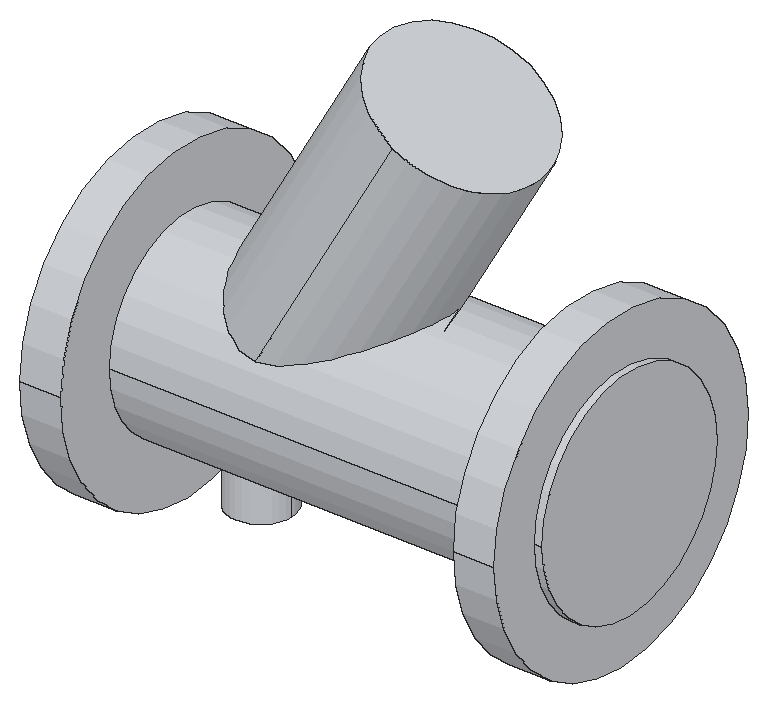
Revit family "HS 821-síto_standard-PN40-DN080-RFA_2019", category Pipe Accessories, Revit 2019
Family settings
  Round Connector Dimension = Use Diameter
  Part Type = Breaks Into
  Work Plane-Based = No
  Always vertical = Yes
  Cut with Voids When Loaded = No
  Shared = No
Parameters (values of type "821F-DN080-PN40-síto_standard")
  magiProductId = "689aa1e260f84cf4994f027a1d86b5"
  magiProductFamilyId = "79214ac3aaa945e397802f559f5c1e"
  magiPartTypeId = 307
  isMeasuringValve [instance] = no
  ang2D [instance] = 0.00°
  ZB__ve = -ZB  # -32 mm
  ZB1 = 55.89 mm
  ZB = 32 mm
  X2 = 104.753 mm
  X1 = 43.4 mm
  W2D = 15 mm
  VersionID = "2.0/2017.9.26.1/ZETKAMA_821_001"
  Use Minimum Symbol Size [instance] = yes
  URL = "www.hydronic.cz"
  Type Comments = "Filtr přírubový; síto standardní; A-PN16 (-10~300°C); D-PN25 (-10~350°C); F-PN40 (-10~400°C)"
  S = 138 mm
  QmdConnectorList = "301;D;302;D"
  Productdata [instance] = ""
  Manufacturer = "Hydronic Systems Prague s.r.o."
  MC Product Code = "240 680 (821F; DN080; PN40; kvs147,4; oko síta 1,25mm)"
  LM1 = 24.8 mm
  LM = 248 mm
  L4 = 77.5 mm
  L2D_Min = 3048 mm
  L2D = 130 mm
  L2 = 155 mm
  HH2 = 181.438 mm
  FD = 200 mm
  Description = "Filtr přírubový; síto standardní; 821A-PN16; 821D-PN25; 821F-PN40"
  DM1 = 107.4 mm
  DM = 124.2 mm
  D = 80 mm
  CC = 5.27 mm
  CAT0 = yes
  C1 = 25.73 mm
  C = 31 mm
  BD = 39.123 mm
Types (40, lengths in mm): name | magiProductId | ZB__ve | ZB1 | ZB | X2 | X1 | S | MC Product Code | LM1 | LM | L4 | L2 | HH2 | FD | DM1 | DM | D | CC | C1 | C | BD
  821A-DN015-PN16-síto_standard | "a71bcfe8b393460598b23e8ddf7dc5" | -16.25 | 18.63 | 16.25 | 46.982 | 18.2 | 46 | "200 115 (821A; DN015; PN16; kvs6,3; oko síta 1,00mm)" | 10.4 | 104 | 32.5 | 65 | 81.375 | 95 | 27.6 | 41.4 | 15 | 2.21 | 10.79 | 13 | 13.041
  821A-DN020-PN16-síto_standard | "41cd6c7a12924f4991217528336076" | -17.75 | 22.68 | 17.75 | 51.673 | 21 | 56 | "200 120 (821A; DN020; PN16; kvs11,2; oko síta 1,00mm)" | 12 | 120 | 37.5 | 75 | 89.5 | 105 | 33.6 | 50.4 | 20 | 2.55 | 12.45 | 15 | 15.876
  821A-DN025-PN16-síto_standard | "be378b463ed14c3abf4c9b3ae8cf3a" | -19.25 | 26.325 | 19.25 | 58.601 | 22.4 | 65 | "200 125 (821A; DN025; PN16; kvs14,7; oko síta 1,00mm)" | 12.8 | 128 | 40 | 80 | 101.5 | 115 | 43.2 | 58.5 | 25 | 2.72 | 13.28 | 16 | 18.427
  821A-DN032-PN16-síto_standard | "227a0d18b21540afabe8b6067d35fa" | -23 | 30.78 | 23 | 68.849 | 25.2 | 76 | "200 132 (821A; DN032; PN16; kvs23,7; oko síta 1,00mm)" | 14.4 | 144 | 45 | 90 | 119.25 | 140 | 50.4 | 68.4 | 32 | 3.06 | 14.94 | 18 | 21.546
  821A-DN040-PN16-síto_standard | "d106917c74724141a10440112d0102" | -24.5 | 34.02 | 24.5 | 75.777 | 28 | 84 | "200 140 (821A; DN040; PN16; kvs37,7; oko síta 1,00mm)" | 16 | 160 | 50 | 100 | 131.25 | 150 | 60 | 75.6 | 40 | 3.4 | 16.6 | 20 | 23.814
  821A-DN050-PN16-síto_standard | "8255d456a09e4f6486734f5dd9171b" | -26.75 | 40.095 | 26.75 | 79.061 | 32.2 | 99 | "200 150 (821A; DN050 PN16; kvs57,9; oko síta 1,00mm)" | 18.4 | 184 | 57.5 | 115 | 136.938 | 165 | 73.8 | 89.1 | 50 | 3.91 | 19.09 | 23 | 28.066
  821A-DN065-PN16-síto_standard | "235b1b3e4c0843779a4d5e3716d40a" | -29.75 | 47.79 | 29.75 | 86.927 | 40.6 | 118 | "200 165 (821A; DN065; PN16; kvs101,5; oko síta 1,25mm)" | 23.2 | 232 | 72.5 | 145 | 150.562 | 185 | 94.2 | 106.2 | 65 | 4.93 | 24.07 | 29 | 33.453
  821A-DN080-PN16-síto_standard | "a067f7c5236348ed8c820d16df7214" | -32 | 53.46 | 32 | 104.753 | 43.4 | 132 | "200 180 (821A; DN080; PN16; kvs147,4; oko síta 1,25mm)" | 24.8 | 248 | 77.5 | 155 | 181.438 | 200 | 107.4 | 118.8 | 80 | 5.27 | 25.73 | 31 | 37.422
  821A-DN100-PN16-síto_standard | "c49a648c2747461285837d643703cd" | -35 | 63.18 | 35 | 114.857 | 49 | 156 | "200 190 (821A; DN100; PN16; kvs209,6; oko síta 1,60mm)" | 28 | 280 | 87.5 | 175 | 198.937 | 220 | 131.4 | 140.4 | 100 | 5.95 | 29.05 | 35 | 44.226
  821A-DN125-PN16-síto_standard | "bf68e728a163493cbd2a663b26ebdc" | -39.5 | 74.52 | 39.5 | 131.888 | 56 | 184 | "200 191 (821A; DN125; PN16; kvs326,2; oko síta 1,60mm)" | 32 | 320 | 100 | 200 | 228.438 | 250 | 165 | 165.6 | 125 | 6.8 | 33.2 | 40 | 52.164
  821A-DN150-PN16-síto_standard | "2de770284b654863ae6bc865769dc5" | -44.75 | 85.455 | 44.75 | 155.885 | 67.2 | 211 | "200 192 (821A; DN150; PN16; kvs403; oko síta 1,60mm)" | 38.4 | 384 | 120 | 240 | 270 | 285 | 192 | 189.9 | 150 | 8.16 | 39.84 | 48 | 59.818
  821A-DN200-PN16-síto_standard | "8e5693371ab64aabb29a7f08c76e15" | -53 | 107.73 | 53 | 188.361 | 84 | 266 | "200 193 (821A; DN200; PN16; kvs707; oko síta 1,60mm)" | 48 | 480 | 150 | 300 | 326.25 | 340 | 252 | 239.4 | 200 | 10.2 | 49.8 | 60 | 75.411
  821A-DN250-PN16-síto_standard | "05e37ed948c34047acdd4c42556504" | -62.75 | 129.195 | 62.75 | 255.911 | 102.2 | 319 | "200 194 (821A; DN250; PN16; kvs1234; oko síta 1,60mm)" | 58.4 | 584 | 182.5 | 365 | 443.25 | 405 | 309.6 | 287.1 | 250 | 12.41 | 60.59 | 73 | 90.436
  821A-DN300-PN16-síto_standard | "9ad0af747269428da925480d83ce80" | -71 | 149.85 | 71 | 325.914 | 119 | 370 | "200 195 (821A; DN300; PN16; kvs1916; oko síta 1,60mm)" | 68 | 680 | 212.5 | 425 | 564.5 | 460 | 369.6 | 333 | 300 | 14.45 | 70.55 | 85 | 104.895
  821A-DN350-PN16-síto_standard | "eebc71459bb3451bb4355e7951370a" | -80 | 173.745 | 80 | 356.875 | 137.2 | 429 | "200 196 (821A; DN350; PN16; kvs2621; oko síta 1,60mm)" | 78.4 | 784 | 245 | 490 | 618.125 | 520 | 438 | 386.1 | 350 | 16.66 | 81.34 | 98 | 121.621
  821A-DN400-PN16-síto_standard | "d2f677cb196647e385b2590e7d8abe" | -89 | 194.4 | 89 | 392.237 | 154 | 480 | "200 197 (821A; DN400; PN16; kvs3460; oko síta 1,60mm)" | 88 | 880 | 275 | 550 | 679.375 | 580 | 498 | 432 | 400 | 18.7 | 91.3 | 110 | 136.08
  821D-DN015-PN25-síto_standard | "27ddcbf555414f8ca1fde329bf9087" | -16.25 | 18.63 | 16.25 | 46.982 | 18.2 | 46 | "200 215 (821D; DN015; PN25; kvs6,3; oko síta 1,00mm)" | 10.4 | 104 | 32.5 | 65 | 81.375 | 95 | 27.6 | 41.4 | 15 | 2.21 | 10.79 | 13 | 13.041
  821D-DN020-PN25-síto_standard | "270e0f14012f47189cd0235c18faee" | -17.75 | 22.68 | 17.75 | 51.673 | 21 | 56 | "200 220 (821D; DN020; PN25; kvs11,2; oko síta 1,00mm)" | 12 | 120 | 37.5 | 75 | 89.5 | 105 | 33.6 | 50.4 | 20 | 2.55 | 12.45 | 15 | 15.876
  821D-DN025-PN25-síto_standard | "b9a7fb4aa36643878c637d8e1ab992" | -19.25 | 26.325 | 19.25 | 58.601 | 22.4 | 65 | "200 225 (821D; DN025; PN25; kvs14,7; oko síta 1,00mm)" | 12.8 | 128 | 40 | 80 | 101.5 | 115 | 43.2 | 58.5 | 25 | 2.72 | 13.28 | 16 | 18.427
  821D-DN032-PN25-síto_standard | "6be9a55c4e68400f94eec7e804204c" | -23 | 30.78 | 23 | 68.849 | 25.2 | 76 | "200 232 (821D; DN032; PN25; kvs23,7; oko síta 1,00mm)" | 14.4 | 144 | 45 | 90 | 119.25 | 140 | 50.4 | 68.4 | 32 | 3.06 | 14.94 | 18 | 21.546
  821D-DN040-PN25-síto_standard | "c54511bd7f584ec2984291479612cb" | -24.5 | 34.02 | 24.5 | 75.777 | 28 | 84 | "200 240 (821D; DN040; PN25; kvs37,7; oko síta 1,00mm)" | 16 | 160 | 50 | 100 | 131.25 | 150 | 60 | 75.6 | 40 | 3.4 | 16.6 | 20 | 23.814
  821D-DN050-PN25-síto_standard | "5483b1f596b04cd39b23a14a22c90e" | -26.75 | 40.095 | 26.75 | 79.061 | 32.2 | 99 | "200 250 (821D; DN050; PN25; kvs57,9; oko síta 1,00mm)" | 18.4 | 184 | 57.5 | 115 | 136.938 | 165 | 73.8 | 89.1 | 50 | 3.91 | 19.09 | 23 | 28.066
  821D-DN065-PN25-síto_standard | "767b0f8318e94750bc7a9930ed5b30" | -29.75 | 47.79 | 29.75 | 86.927 | 40.6 | 118 | "200 265 (821D; DN065; PN25; kvs101,5; oko síta 1,25mm)" | 23.2 | 232 | 72.5 | 145 | 150.562 | 185 | 94.2 | 106.2 | 65 | 4.93 | 24.07 | 29 | 33.453
  821D-DN080-PN25-síto_standard | "e21040fa3cc2404b858198f6b73709" | -32 | 53.46 | 32 | 104.753 | 43.4 | 132 | "200 280 (821D; DN080; PN25; kvs147,4; oko síta 1,25mm)" | 24.8 | 248 | 77.5 | 155 | 181.438 | 200 | 107.4 | 118.8 | 80 | 5.27 | 25.73 | 31 | 37.422
  821D-DN100-PN25-síto_standard | "175ca87a506b40b3bc6b82f12f33cf" | -37.25 | 63.18 | 37.25 | 114.857 | 49 | 156 | "200 290 (821D; DN100; PN25; kvs209,6; oko síta 1,60mm)" | 28 | 280 | 87.5 | 175 | 198.937 | 235 | 131.4 | 140.4 | 100 | 5.95 | 29.05 | 35 | 44.226
  821D-DN125-PN25-síto_standard | "77cc98d60da24855999a22dff726b2" | -42.5 | 74.52 | 42.5 | 131.888 | 56 | 184 | "200 291 (821D; DN125; PN25; kvs326,2; oko síta 1,60mm)" | 32 | 320 | 100 | 200 | 228.438 | 270 | 165 | 165.6 | 125 | 6.8 | 33.2 | 40 | 52.164
  821D-DN150-PN25-síto_standard | "9cf8acfcd15547d68e83172d3abcbe" | -47 | 85.455 | 47 | 155.885 | 67.2 | 211 | "200 292 (821D; DN150; PN25; kvs403; oko síta 1,60mm)" | 38.4 | 384 | 120 | 240 | 270 | 300 | 192 | 189.9 | 150 | 8.16 | 39.84 | 48 | 59.818
  821D-DN200-PN25-síto_standard | "16973f3c9ea14389ba8602495a6b64" | -56 | 110.97 | 56 | 188.361 | 84 | 274 | "200 293 (821D; DN200; PN25; kvs707; oko síta 1,60mm)" | 48 | 480 | 150 | 300 | 326.25 | 360 | 252 | 246.6 | 200 | 10.2 | 49.8 | 60 | 77.679
  821F-DN015-PN40-síto_standard | "4c7eaf3c4c0340888b3e684d8a8616" | -16.25 | 18.225 | 16.25 | 46.982 | 18.2 | 45 | "240 615 (821F; DN015; PN40; kvs6,3; oko síta 1,00mm)" | 10.4 | 104 | 32.5 | 65 | 81.375 | 95 | 27.6 | 40.5 | 15 | 2.21 | 10.79 | 13 | 12.757
  821F-DN020-PN40-síto_standard | "aaac5f1ec96b44d6ba96ac2293d66d" | -17.75 | 23.49 | 17.75 | 51.673 | 21 | 58 | "240 620 (821F; DN020; PN40; kvs11,2; oko síta 1,00mm)" | 12 | 120 | 37.5 | 75 | 89.5 | 105 | 33.6 | 52.2 | 20 | 2.55 | 12.45 | 15 | 16.443
  821F-DN025-PN40-síto_standard | "504768023968471481789485b54c7e" | -19.25 | 27.54 | 19.25 | 58.601 | 22.4 | 68 | "240 625 (821F; DN025; PN40; kvs14,7; oko síta 1,00mm)" | 12.8 | 128 | 40 | 80 | 101.5 | 115 | 43.2 | 61.2 | 25 | 2.72 | 13.28 | 16 | 19.278
  821F-DN032-PN40-síto_standard | "165e7f39cf744f329bdf1c400dad12" | -23 | 31.59 | 23 | 68.849 | 25.2 | 78 | "240 632 (821F; DN032; PN40; kvs23,7; oko síta 1,00mm)" | 14.4 | 144 | 45 | 90 | 119.25 | 140 | 50.4 | 70.2 | 32 | 3.06 | 14.94 | 18 | 22.113
  821F-DN040-PN40-síto_standard | "b8903f952089408fbf3a5a632bab1f" | -24.5 | 35.64 | 24.5 | 75.777 | 28 | 88 | "240 640 (821F; DN040; PN40; kvs37,7; oko síta 1,00mm)" | 16 | 160 | 50 | 100 | 131.25 | 150 | 60 | 79.2 | 40 | 3.4 | 16.6 | 20 | 24.948
  821F-DN050-PN40-síto_standard | "c451f97266fe48da8f879cb6a2bd44" | -26.75 | 41.31 | 26.75 | 79.061 | 32.2 | 102 | "240 650 (821F; DN050; PN40; kvs57,9; oko síta 1,00mm)" | 18.4 | 184 | 57.5 | 115 | 136.938 | 165 | 73.8 | 91.8 | 50 | 3.91 | 19.09 | 23 | 28.917
  821F-DN065-PN40-síto_standard | "dc9821e3f9b34e128f6a8c6b34c198" | -29.75 | 49.41 | 29.75 | 86.927 | 40.6 | 122 | "240 665 (821F; DN065; PN40; kvs101,5; oko síta 1,25mm)" | 23.2 | 232 | 72.5 | 145 | 150.562 | 185 | 94.2 | 109.8 | 65 | 4.93 | 24.07 | 29 | 34.587
  821F-DN080-PN40-síto_standard | "689aa1e260f84cf4994f027a1d86b5" | -32 | 55.89 | 32 | 104.753 | 43.4 | 138 | "240 680 (821F; DN080; PN40; kvs147,4; oko síta 1,25mm)" | 24.8 | 248 | 77.5 | 155 | 181.438 | 200 | 107.4 | 124.2 | 80 | 5.27 | 25.73 | 31 | 39.123
  821F-DN100-PN40-síto_standard | "8a45d4e8e2ab425f8c432f21d684f3" | -37.25 | 65.61 | 37.25 | 114.857 | 49 | 162 | "240 690 (821F; DN100; PN40; kvs209,6; oko síta 1,6mm)" | 28 | 280 | 87.5 | 175 | 198.937 | 235 | 131.4 | 145.8 | 100 | 5.95 | 29.05 | 35 | 45.927
  821F-DN125-PN40-síto_standard | "cf073904c006406b8645afa67ea2fc" | -42.5 | 76.14 | 42.5 | 131.888 | 56 | 188 | "240 691 (821F; DN125; PN40; kvs326,2; oko síta 1,6mm)" | 32 | 320 | 100 | 200 | 228.438 | 270 | 165 | 169.2 | 125 | 6.8 | 33.2 | 40 | 53.298
  821F-DN150-PN40-síto_standard | "0153b9ddabe14992a630484929fdbc" | -47 | 88.29 | 47 | 155.885 | 67.2 | 218 | "240 692 (821F; DN150; PN40; kvs403; oko síta 1,6mm)" | 38.4 | 384 | 120 | 240 | 270 | 300 | 192 | 196.2 | 150 | 8.16 | 39.84 | 48 | 61.803
  821F-DN200-PN40-síto_standard | "7fb3fc01dd8d42428c203e3f8dd4d5" | -56 | 115.425 | 56 | 188.361 | 84 | 285 | "240 693 (821F; DN200; PN40; kvs707; oko síta 1,6mm)" | 48 | 480 | 150 | 300 | 326.25 | 360 | 252 | 256.5 | 200 | 10.2 | 49.8 | 60 | 80.797
Reference planes
  plane 1 "Center (Front/Back)": y = 0
  plane 2 "XYPLANE": z = 0
  plane 3 "Center (Left/Right)": x = 0
  plane 4 "109": x = -99.2
  plane 5 "108": x = 124
  plane 6 "107": x = -124
  plane 7 "105": x = 155
  plane 8 "104": x = -155
  plane 9 "103": y = 0
  plane 10 "102": z = 0
  plane 11 "101": x = -149.73
  plane 12 "100": x = 149.73
  plane 13 "11": x = -55.8
  plane 14 "10": z = 181.438
  plane 15 "9": x = 48.953
  plane 16 "5": z = -55.89
  plane 17 "4": x = -77.5
  plane 18 "1": x = 77.5
Forms (mm)
  Extrusion 1, solid, visible <- "CAT0"
    sketch origin (-124, -750, 0) x (0, 1, 0) y (0, 0, 1)
      loop
        circle (750, 0) r 62.1
    from 0 to 248 <- "LM"
  Extrusion 2, solid
    sketch origin (-155, -750, 0) x (0, 1, 0) y (0, 0, 1)
      loop
        circle (750, 0) r 69
    from 0 to 5.27 <- "CC"
  Extrusion 3, solid
    sketch origin (-149.73, -750, 0) x (0, 1, 0) y (0, 0, 1)
      loop
        circle (750, 0) r 100
    from 0 to 25.73 <- "C1"
  Extrusion 4, solid
    sketch origin (124, -750, 0) x (0, 1, 0) y (0, 0, 1)
      loop
        circle (750, 0) r 100
    from 0 to 25.73 <- "C1"
  Extrusion 5, solid
    sketch origin (149.73, -750, 0) x (0, 1, 0) y (0, 0, 1)
      loop
        circle (750, 0) r 69
    from 0 to 5.27 <- "CC"
  Sweep 6, solid, visible <- "CAT0"
    path origin (750, 0, 0) x (-1, 0, 0) y (0, 0, 1)
      loop
        line (874, 0) -> (805.8, 0) -> (701.047, 181.438)
    profile origin (-124, 0, 0) x (0, 0, -1) y (0, 1, 0)
      loop
        circle (0, 0) r 53.7
  Extrusion 7, solid, visible <- "CAT0"
    sketch origin (-750, 0, -55.89) x (1, 0, 0) y (0, 1, 0)
      loop
        circle (672.5, 0) r 19.561
    from 0 to -32 <- "ZB__ve"
  Extrusion 8, solid, visible <- "CAT0"
    sketch origin (-750, 0, -55.89) x (1, 0, 0) y (0, 1, 0)
      loop
        circle (827.5, 0) r 19.561
    from 0 to -32 <- "ZB__ve"
  Extrusion 9, solid, not visible
    sketch origin (155, -750, 0) x (0, 1, 0) y (0, 0, 1)
      loop
        circle (750, 0) r 10
    from 0 to -10
  Extrusion 10, solid, not visible
    sketch origin (-155, -750, 0) x (0, 1, 0) y (0, 0, 1)
      loop
        circle (750, 0) r 10
    from 0 to 10
Lines and regions (mm)
  reference lines, not visible
    curve 1: circle (2, 2, 0) r 1 normal (0, 0, 1)
Dimensions and locks
  plane 1 "Center (Front/Back)" to curve 1 = 2 mm
  "LM1": plane 6 "107" to plane 4 "109"
  "LM": plane 6 "107" to plane 5 "108"
  "C": plane 8 "104" to plane 6 "107"
  "L2": plane 3 "Center (Left/Right)" to plane 7 "105"
  "L2": plane 3 "Center (Left/Right)" to plane 8 "104"
  locked: plane 1 "Center (Front/Back)" to plane 9 "103"
  locked: plane 2 "XYPLANE" to plane 10 "102"
  "CC": plane 8 "104" to plane 11 "101"
  "C1": plane 5 "108" to plane 12 "100"
  "X1": plane 4 "109" to plane 13 "11"
  "HH2": plane 2 "XYPLANE" to plane 14 "10"
  "X2": plane 13 "11" to plane 15 "9"
  "ZB1": plane 2 "XYPLANE" to plane 16 "5"
  "L4": plane 8 "104" to plane 17 "4"
  "L2": plane 17 "4" to plane 18 "1"
  Sweep 6 sketch curve to Sweep 6 sketch curve = 0 mm  (x2)
  "DM": diameter of Extrusion 1 sketch curve
  "S": diameter of Extrusion 2 sketch curve
  "FD": diameter of Extrusion 3 sketch curve
  "FD": diameter of Extrusion 4 sketch curve
  "S": diameter of Extrusion 5 sketch curve
  "DM1": diameter of Sweep 6 sketch curve
  "BD": diameter of Extrusion 7 sketch curve
  "BD": diameter of Extrusion 8 sketch curve
  aligned and locked: level to plane 2 "XYPLANE"
  aligned and locked: Extrusion 1 sketch curve to plane 9 "103"
  aligned and locked: plane 10 "102" to Extrusion 1 sketch curve
  aligned and locked: Extrusion 2 sketch curve to plane 9 "103"
  aligned and locked: plane 10 "102" to Extrusion 2 sketch curve
  aligned and locked: Extrusion 3 sketch curve to plane 9 "103"
  aligned and locked: plane 10 "102" to Extrusion 3 sketch curve
  aligned and locked: Extrusion 4 sketch curve to plane 9 "103"
  aligned and locked: plane 10 "102" to Extrusion 4 sketch curve
  aligned and locked: Extrusion 5 sketch curve to plane 9 "103"
  aligned and locked: plane 10 "102" to Extrusion 5 sketch curve
  aligned and locked: Sweep 6 sketch curve to plane 9 "103"
  aligned and locked: plane 10 "102" to Sweep 6 sketch curve  (x3)
  aligned and locked: plane 6 "107" to Sweep 6 sketch curve
  aligned and locked: plane 13 "11" to Sweep 6 sketch curve
  aligned and locked: plane 14 "10" to Sweep 6 sketch curve
  aligned and locked: plane 15 "9" to Sweep 6 sketch curve
  aligned and locked: plane 9 "103" to Extrusion 7 sketch curve
  aligned and locked: plane 17 "4" to Extrusion 7 sketch curve
  aligned and locked: plane 9 "103" to Extrusion 8 sketch curve
  aligned and locked: plane 18 "1" to Extrusion 8 sketch curve
  aligned and locked: Extrusion 9 sketch curve to plane 9 "103"
  aligned and locked: plane 10 "102" to Extrusion 9 sketch curve
  aligned and locked: Extrusion 10 sketch curve to plane 9 "103"
  aligned and locked: plane 10 "102" to Extrusion 10 sketch curve
Automatic sketch dimensions
  plane 1 "Center (Front/Back)" to Extrusion 9 sketch curve = 10 mm
  plane 1 "Center (Front/Back)" to Extrusion 10 sketch curve = 10 mm
  plane 3 "Center (Left/Right)" to curve 1 = 2 mm
  radius of curve 1 = 1 mm
Connectors
  piping at (-155, 0, 0), diameter 80, driven by "D"
    settings: on Extrusion 10, index 1, connector inside diameter 609.6 mm, connector length 0 mm, flow factor 0, pipe flow 0.0 L/s, pressure drop 0.0 Pa, fitting loss kfactor 0, connector angle 0.00°, fixture units 0, engagement length 0 mm, angle of deflection 0.00°, flow configuration 0, flow direction 0, fitting loss method 0, system type 29, joint type 0, gender type 0, connector reference index 2, connector utility 0, adjustable connector no, is connector primary yes, connector description ""
  piping at (155, 0, 0), diameter 80, driven by "D"
    settings: on Extrusion 9, index 2, connector inside diameter 609.6 mm, connector length 0 mm, flow factor 0, pipe flow 0.0 L/s, pressure drop 0.0 Pa, fitting loss kfactor 0, connector angle 0.00°, fixture units 0, engagement length 0 mm, angle of deflection 0.00°, flow configuration 0, flow direction 0, fitting loss method 0, system type 29, joint type 0, gender type 0, connector reference index 1, connector utility 0, adjustable connector no, is connector primary no, connector description ""
